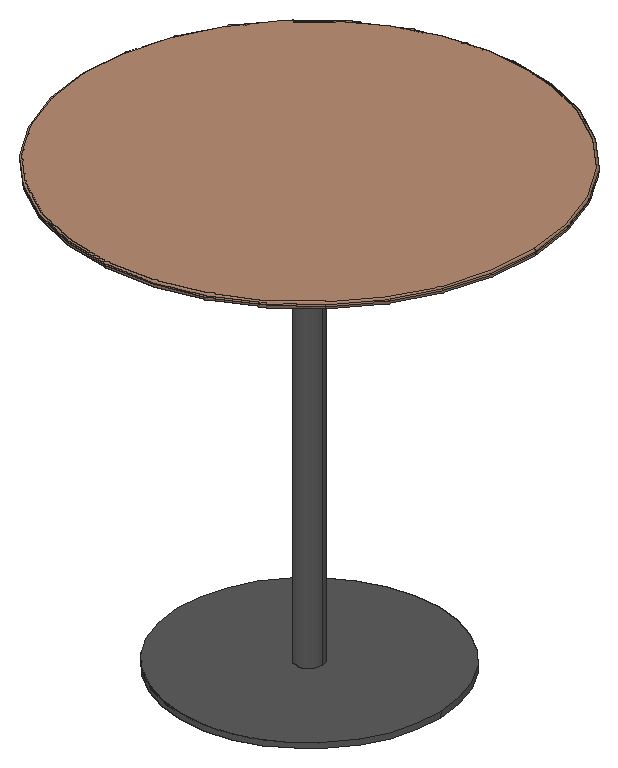
Revit family "FU_Table_Sandler_Nume 9-4", category Furniture, Revit 2020
Family settings
  OmniClass Number = 23.40.20.00
  OmniClass Title = General Furniture and Specialties
  Work Plane-Based = No
  Always vertical = Yes
  Cut with Voids When Loaded = No
  Shared = No
  Room Calculation Point = No
Parameters (values of type "Nume 9.4 Wood/Laminate Top")
  Width = Depth  # 600 mm
  URL = "https://www.sandlerseating.com/product/nume-9-4/"
  Top Type = Nume_Wood_Top : Nume Wood 600x19mm
  Top Finish = Wood - Oak - Walnut
  Requested Height = 600 mm
  Model = "Nume 9.4"
  Min Height = 530 mm  # constant formula
  Max Height = 750 mm  # constant formula
  Manufacturer = "Sandler"
  Height = if(Requested Height < Min Height, Min Height, if(Requested Height > Max Height, Max Height, Requested Height))  # 600 mm
  Description = "Height adjustable side table, with 60cm wood top and steel base."
  Depth = 600 mm  # constant formula
  Default Elevation = 0 mm
  Base Finish = Epoxy - M1_B00 - Black
Types (3, lengths in mm): name | Top Type | Top Finish | Description | Base Finish
  (no name) | Nume_Wood_Top : Nume Wood 600x19mm | Wood - Oak - Walnut | "Height adjustable side table, with 60cm wood top and steel base." | Epoxy - M1_B00 - Black
  NUME 9.4 HPL/Fenix Top | Nume_HPL_Top : Nume HPL 600x12mm | HPL - Solid - White | "Height adjustable side table, with 60cm HPL top and steel base." | Epoxy - M2 - Rust Grey
  Nume 9.4 Wood/Laminate Top | Nume_Wood_Top : Nume Wood 600x19mm | Wood - Oak - Walnut | "Height adjustable side table, with 60cm wood top and steel base." | Epoxy - M1_B00 - Black
Reference planes
  plane 1 "Center (Front/Back)": y = 0
  plane 2: z = 0
  plane 3 "Center (Left/Right)": x = 0
  plane 4 "Right": x = -300
  plane 5 "Left": x = 300
  plane 6 "Back": y = 300
  plane 7 "Front": y = -300
  plane 8 "Height": z = 600
  plane 9 "Top Base": z = 588
  plane 10 "Base Top": z = 466
  plane 11 "Adjuster": z = 568
Forms (mm)
  Extrusion 1, solid, material "Epoxy - M1_B00 - Black" <- "Base Finish"
    sketch origin (0, 0, 0) x (1, 0, 0) y (0, 1, 0)
      loop
        circle (0, 0) r 175
    from 0 to 7
  Revolve 2, solid, material "Epoxy - M1_B00 - Black" <- "Base Finish"
    sketch origin (0, 0, -3.312) x (1, 0, 0) y (0, 0, 1)
      loop
        line (-20, 591.312) -> (-20, 554.671)
        arc (-20, 554.671) -> (-18.536, 551.135) -> (-15, 549.671) r 5
        line (-15, 549.671) -> (-12.742, 549.671) -> (-12.742, 591.312) -> (-20, 591.312)
      axis (0, 591.312) -> (0, 549.671)
    angle from 0 to 360
  Revolve 3, solid, material "Epoxy - M1_B00 - Black" <- "Base Finish"
    sketch origin (0, 0, 0) x (1, 0, 0) y (0, 0, 1)
      loop
        line (-12.5, 466) -> (-14.5, 466)
        arc (-14.5, 466) -> (-16.621, 465.121) -> (-17.5, 463) r 3
        line (-17.5, 463) -> (-17.5, 7) -> (-12.5, 7) -> (-12.5, 466)
      axis (0, 466) -> (0, 7)
    angle from 0 to 360
  Extrusion 4, solid, material "Epoxy - M1_B00 - Black" <- "Base Finish"
    sketch origin (0, 0, 588) x (-1, 0, 0) y (0, -1, 0)
      loop
        circle (0, 0) r 75
    from 0 to -4.04
  Extrusion 5, solid, material "Metal - Chrome - Polished"
    sketch origin (0, 0, 588) x (-1, 0, 0) y (0, -1, 0)
      loop
        circle (0, 0) r 12.5
    from 0 to -280
  Revolve 6, solid, material "Epoxy - M1_B00 - Black"
    sketch origin (-0.111, -0.145, 567.5) x (0, -1, 0) y (1, 0, 0)
      loop
        line (-4.136, -98.179) -> (-5.698, -133.144) -> (-6.532, -148.218)
        arc (-6.532, -148.218) -> (-6.414, -155.594) -> (-5.992, -162.959) r 178.81
        arc (-5.992, -162.959) -> (-4.08, -166.896) -> (0, -168.48) r 5.987
        line (0, -168.48) -> (0, 0) -> (-4.136, 0) -> (-4.136, -98.179)
      axis (0, -168.48) -> (0, 0)
    angle from 0 to 360
Cuts and joins
  joined: Revolve 2, Extrusion 4
  joined: Extrusion 1, Revolve 3
Dimensions and locks
  equal spacing: plane 4 "Right", plane 3 "Center (Left/Right)", plane 5 "Left"
  "Width": plane 4 "Right" to plane 5 "Left"
  equal spacing: plane 6 "Back", plane 1 "Center (Front/Back)", plane 7 "Front"
  "Depth": plane 6 "Back" to plane 7 "Front"
  "Height": plane 8 "Height" to level
  plane 9 "Top Base" to level = 588 mm
  locked: plane 10 "Base Top" to level at 466
  locked: plane 8 "Height" to plane 9 "Top Base" at 12
  locked: plane 9 "Top Base" to plane 11 "Adjuster" at 20
  plane 9 "Top Base" to plane 11 "Adjuster" = 20 mm
  aligned and locked: level to plane 2
  aligned and locked: plane 10 "Base Top" to Revolve 3 sketch curve
Automatic sketch dimensions
  plane 1 "Center (Front/Back)" to Extrusion 1 sketch curve = 0 mm
  Extrusion 1 sketch curve to plane 3 "Center (Left/Right)" = 0 mm
  Revolve 2 sketch curve to plane 3 "Center (Left/Right)" = 0 mm
  Revolve 2 sketch curve to plane 3 "Center (Left/Right)" = 12.742 mm
  Revolve 2 sketch curve to Revolve 2 sketch curve = 2.258 mm
  plane 9 "Top Base" to Revolve 2 sketch curve = 0 mm
  Revolve 2 sketch curve to Revolve 2 sketch curve = 7.258 mm
  Revolve 2 sketch curve to plane 9 "Top Base" = 36.642 mm
  Revolve 2 sketch curve to Revolve 2 sketch curve = 0.212 mm
  plane 9 "Top Base" to Revolve 2 sketch curve = 4.273 mm
  Revolve 3 sketch curve to plane 3 "Center (Left/Right)" = 0 mm
  Revolve 3 sketch curve to plane 3 "Center (Left/Right)" = 12.5 mm
  Revolve 3 sketch curve to Revolve 3 sketch curve = 2 mm
  Revolve 3 sketch curve to Revolve 3 sketch curve = 5 mm
  Revolve 3 sketch curve to plane 10 "Base Top" = 28.542 mm
  plane 10 "Base Top" to Revolve 3 sketch curve = 5 mm
  plane 1 "Center (Front/Back)" to Extrusion 4 sketch curve = 0 mm
  Extrusion 4 sketch curve to plane 3 "Center (Left/Right)" = 0 mm
  level to Revolve 3 sketch curve = 7 mm
  plane 1 "Center (Front/Back)" to Extrusion 5 sketch curve = 0 mm
  Extrusion 5 sketch curve to plane 3 "Center (Left/Right)" = 0 mm
  Revolve 6 sketch curve to plane 1 "Center (Front/Back)" = 6.387 mm
  Revolve 6 sketch curve to plane 1 "Center (Front/Back)" = 5.553 mm
  Revolve 6 sketch curve to plane 1 "Center (Front/Back)" = 3.991 mm
  plane 1 "Center (Front/Back)" to Revolve 6 sketch curve = 0.122 mm
  plane 1 "Center (Front/Back)" to Revolve 6 sketch curve = 0.145 mm  (x2)
  plane 7 "Front" to Revolve 6 sketch curve = 127.578 mm
  Revolve 6 sketch curve to plane 4 "Right" = 131.41 mm
  Revolve 6 sketch curve to Revolve 6 sketch curve = 5.987 mm
  Revolve 6 sketch curve to plane 3 "Center (Left/Right)" = 149.161 mm
  Revolve 6 sketch curve to Revolve 6 sketch curve = 14.741 mm
  Revolve 6 sketch curve to Revolve 6 sketch curve = 15.074 mm
  Revolve 6 sketch curve to Revolve 6 sketch curve = 34.965 mm
  Revolve 6 sketch curve to plane 3 "Center (Left/Right)" = 0.111 mm
  Revolve 6 sketch curve to Revolve 6 sketch curve = 16.52 mm
  plane 3 "Center (Left/Right)" to Revolve 6 sketch curve = 7.561 mm
  radius of Extrusion 1 sketch curve = 175 mm
  radius of Extrusion 4 sketch curve = 75 mm
  radius of Extrusion 5 sketch curve = 12.5 mm
Nested families
  nested 1: "Nume_Wood_Top" at (0, 0, 0), type <- "Top Type", Top Elevation <- "Height", Top Finish <- "Top Finish", type "Nume Wood 600x19mm"
    with Top Finish Wood - Oak - Walnut, Top Elevation 600 mm
Definition of nested family "Nume_Wood_Top"
  Parameters (values of type "Nume Wood 600x19mm")
    Width = 600 mm
    Top Elevation [instance] = 530 mm
    Top Finish [instance] = none
    Depth = Width  # 600 mm
    Default Elevation = 0 mm
  Reference planes
    plane 1 "Center (Front/Back)": y = 0
    plane 2: z = 0
    plane 3 "Center (Left/Right)": x = 0
    plane 4 "Right": x = -300
    plane 5 "Left": x = 300
    plane 6 "Back": y = 300
    plane 7 "Front": y = -300
    plane 8 "Elevation": z = 530
    plane 9 "Thickness": z = 511
  Forms (mm)
    Extrusion 1, solid, material <- "Top Finish"
      sketch origin (0, 0, 530) x (-1, 0, 0) y (0, -1, 0)
        loop
          circle (0, 0) r 240
      from 0 to -19
    Sweep 2, solid, material <- "Top Finish"
      path in 3D
        loop
          arc (240, 0, 530) -> (0, -240, 530) -> (-240, 0, 530) r 240
          arc (-240, 0, 530) -> (0, 240, 530) -> (240, 0, 530) r 240
      profile "Pro_IC_TT_Wood_Edge_19x60 : Pro_IC_TT_Wood_Edge_19x60" origin (0, 240, 530) x (0, 1, 0) y (0, 0, 1)
        loop
          line (0, 0) -> (0, -19) -> (23.523, -19)
          arc (23.523, -19) -> (40.704, -14.115) -> (57.496, -8.025) r 252.177
          arc (57.496, -8.025) -> (59.315, -6.554) -> (60, -4.316) r 4
          line (60, -4.316) -> (60, -2)
          arc (60, -2) -> (59.414, -0.586) -> (58, 0) r 2
          line (58, 0) -> (0, 0)
  Cuts and joins
    joined: Extrusion 1, Sweep 2
  Lines and regions (mm)
    sketch lines
      curve 1: arc (-240, 0, 530) -> (0, 240, 530) -> (240, 0, 530) r 240
      curve 2: arc (240, 0, 530) -> (0, -240, 530) -> (-240, 0, 530) r 240
  Dimensions and locks
    equal spacing: plane 4 "Right", plane 3 "Center (Left/Right)", plane 5 "Left"
    "Width": plane 4 "Right" to plane 5 "Left"
    equal spacing: plane 6 "Back", plane 1 "Center (Front/Back)", plane 7 "Front"
    "Depth": plane 6 "Back" to plane 7 "Front"
    "Top Elevation": plane 8 "Elevation" to level
    plane 9 "Thickness" to level = 511 mm
    locked: plane 8 "Elevation" to plane 9 "Thickness" at 19
    aligned and locked: level to plane 2
    aligned and locked: Extrusion 1 to plane 9 "Thickness"
    aligned and locked: plane 8 "Elevation" to Extrusion 1
  Automatic sketch dimensions
    plane 1 "Center (Front/Back)" to Extrusion 1 sketch curve = 0 mm
    Extrusion 1 sketch curve to plane 3 "Center (Left/Right)" = 0 mm
    radius of Extrusion 1 sketch curve = 240 mm
